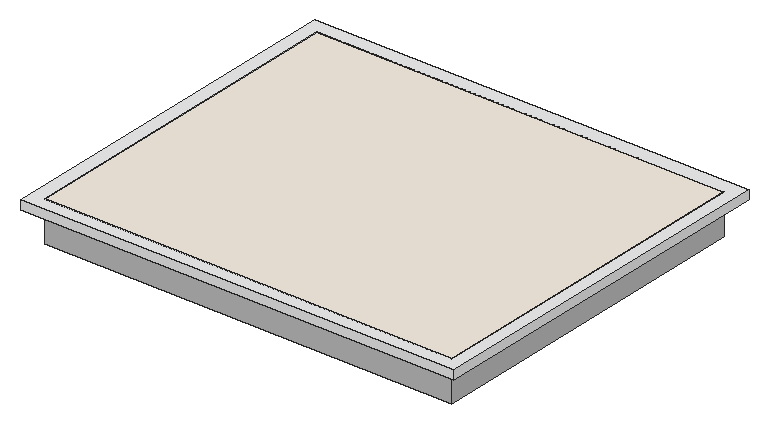
Revit family "Lighting-Industrial-GEWISS-ELIA-HL-LED_HIGHBAY", category Apparecchi per illuminazione, host Superficie, Revit 2019 (continued)
Types (12, lengths in mm): name | Weight (kg): | Weight (kg) | Voltage | Technical sheet | System power | Optic | built-in parameter 1150142 | Lumen output (lm) | Model | IDT | File diagramma fotometrico | Description
  GWF1000QL840 - ELIA HL L2 90° 4000K S.ALONE ON/OFF | "4,3" | "4,3" | "100-240 V " | "https://www.gewiss.com/ww/en/search?q=GWF1100VC871" | "200W" | "90°" | "IESNA:LM-63-1995\r\n[TEST] HB25-120-4080-90D-H00108\r\n[DATE] 27 Nov 2019\r\n[MANUFAC] GEWISS\r\n[LUMCAT] GWF1000QL840\r\n[LUMINAIRE] ELIA HL - L2 90° LED840 200W\r\n[FLASHAREA] 0.013851\r\n[LAMPCAT] LED 200W/26900lm\r\n[LAMP] LED 200W/26900lm\r\nTILT=NONE\r\n1 26900.00 1.0 181 37 1 2 -0.270 0.000 0.000\r\n1.00 1.00 200.00\r\n0.00 0.50 1.00 1.50 2.00 2.50 3.00 3.50 4.00 4.50 5.00 \r\n5.50 6.00 6.50 7.00 7.50 8.00 8.50 9.00 9.50 10.00 10.50 \r\n11.00 11.50 12.00 12.50 13.00 13.50 14.00 14.50 15.00 \r\n15.50 16.00 16.50 17.00 17.50 18.00 18.50 19.00 19.50 \r\n20.00 20.50 21.00 21.50 22.00 22.50 23.00 23.50 24.00 \r\n24.50 25.00 25.50 26.00 26.50 27.00 27.50 28.00 28.50 \r\n29.00 29.50 30.00 30.50 31.00 31.50 32.00 32.50 33.00 \r\n33.50 34.00 34.50 35.00 35.50 36.00 36.50 37.00 37.50 \r\n38.00 38.50 39.00 39.50 40.00 40.50 41.00 41.50 42.00 \r\n42.50 43.00 43.50 44.00 44.50 45.00 45.50 46.00 46.50 \r\n47.00 47.50 48.00 48.50 49.00 49.50 50.00 50.50 51.00 \r\n51.50 52.00 52.50 53.00 53.50 54.00 54.50 55.00 55.50 \r\n56.00 56.50 57.00 57.50 58.00 58.50 59.00 59.50 60.00 \r\n60.50 61.00 61.50 62.00 62.50 63.00 63.50 64.00 64.50 \r\n65.00 65.50 66.00 66.50 67.00 67.50 68.00 68.50 69.00 \r\n69.50 70.00 70.50 71.00 71.50 72.00 72.50 73.00 73.50 \r\n74.00 74.50 75.00 75.50 76.00 76.50 77.00 77.50 78.00 \r\n78.50 79.00 79.50 80.00 80.50 81.00 81.50 82.00 82.50 \r\n83.00 83.50 84.00 84.50 85.00 85.50 86.00 86.50 87.00 \r\n87.50 88.00 88.50 89.00 89.50 90.00 \r\n0.00 2.50 5.00 7.50 10.00 12.50 15.00 17.50 20.00 22.50 \r\n25.00 27.50 30.00 32.50 35.00 37.50 40.00 42.50 45.00 \r\n47.50 50.00 52.50 55.00 57.50 60.00 62.50 65.00 67.50 \r\n70.00 72.50 75.00 77.50 80.00 82.50 85.00 87.50 90.00 \r\n13471.52 13471.52 13474.21 13479.59 13482.28 13487.66 \r\n13495.73 13501.11 13509.18 13519.94 13533.39 13544.15 \r\n13557.60 13571.05 13584.50 13597.95 13611.40 13627.54 \r\n13643.68 13659.82 13675.96 13689.41 13705.55 13719.00 \r\n13735.14 13745.90 13759.35 13770.11 13780.87 13786.25 \r\n13794.32 13797.01 13797.01 13797.01 13794.32 13788.94 \r\n13778.18 13764.73 13748.59 13732.45 13710.93 13686.72 \r\n13657.13 13624.85 13587.19 13546.84 13503.80 13458.07 \r\n13406.96 13350.47 13291.29 13226.73 13156.79 13081.47 \r\n13000.77 12912.00 12815.16 12710.25 12594.58 12465.46 \r\n12330.96 12183.01 12029.68 11862.90 11693.43 11521.27 \r\n11341.04 11147.36 10934.85 10706.20 10456.03 10178.96 \r\n9891.13 9622.13 9353.13 9081.44 8812.44 8562.27 8317.48 \r\n8078.07 7838.66 7593.87 7351.77 7128.50 6915.99 6708.86 \r\n6507.11 6318.81 6133.20 5942.21 5751.22 5570.99 5396.14 \r\n5229.36 5065.27 4906.56 4753.23 4599.90 4449.26 4306.69 \r\n4169.50 4029.62 3895.12 3766.00 3642.26 3521.21 3402.85 \r\n3287.18 3168.82 3047.77 2926.72 2805.67 2688.65 2573.25 \r\n2462.16 2358.86 2259.33 2160.07 2065.92 1982.80 1906.13 \r\n1832.43 1762.76 1698.73 1636.60 1573.38 1510.17 1447.49 \r\n1385.08 1322.40 1260.26 1199.74 1141.37 1086.49 1035.11 \r\n987.50 942.04 896.31 852.46 812.92 776.87 745.13 713.93 \r\n677.34 640.49 606.33 573.51 541.23 509.49 478.28 448.42 \r\n420.72 395.16 372.56 352.39 335.17 318.23 297.25 275.99 \r\n256.41 237.15 217.46 198.25 180.55 163.61 146.87 130.68 \r\n115.19 100.42 86.51 73.49 61.60 50.60 40.32 30.93 22.37 \r\n15.16 9.93 6.46 4.74 4.78 \r\n13471.52 13471.52 13474.21 13478.24 13482.28 13487.66 \r\n13495.73 13501.11 13509.18 13519.94 13533.39 13544.15 \r\n13557.60 13571.05 13584.50 13597.95 13612.74 13628.88 \r\n13645.02 13659.82 13675.96 13690.75 13706.89 13720.34 \r\n13735.14 13747.24 13760.69 13771.45 13780.87 13788.94 \r\n13794.32 13797.01 13799.70 13798.35 13795.66 13788.94 \r\n13780.87 13768.76 13752.62 13733.79 13712.27 13688.06 \r\n13658.47 13626.19 13589.88 13549.53 13506.49 13460.76 \r\n13409.65 13354.50 13295.32 13229.42 13159.48 13084.16 \r\n13002.11 12913.34 12817.85 12711.59 12597.27 12470.84 \r\n12334.99 12189.73 12035.06 11870.97 11700.15 11527.99 \r\n11345.07 11150.05 10938.88 10708.89 10461.41 10185.68 \r\n9901.89 9631.54 9363.89 9090.85 8821.85 8566.30 8318.82 \r\n8078.07 7840.00 7595.21 7357.15 7135.22 6924.06 6716.93 \r\n6516.52 6324.19 6133.20 5942.21 5752.56 5573.68 5400.17 \r\n5230.70 5067.96 4909.25 4755.92 4601.24 4453.30 4309.38 \r\n4169.50 4030.96 3897.81 3768.69 3643.60 3523.90 3405.54 \r\n3287.18 3171.51 3050.46 2928.06 2811.05 2692.69 2578.23 \r\n2467.40 2363.70 2264.44 2165.85 2072.64 1989.52 1912.59 \r\n1838.88 1769.48 1705.06 1642.65 1579.57 1516.62 1453.81 \r\n1391.13 1328.99 1267.66 1206.73 1148.09 1093.22 1041.70 \r\n993.55 947.42 901.02 856.76 816.55 779.70 747.28 715.27 \r\n678.82 641.97 607.81 574.85 542.57 510.97 479.76 449.77 \r\n421.93 396.37 374.04 353.87 336.38 318.90 297.92 276.53 \r\n256.41 236.80 217.00 197.84 180.12 163.22 146.62 130.59 \r\n115.27 100.63 86.71 73.68 61.72 50.68 40.40 31.02 22.43 \r\n15.20 9.96 6.48 4.76 4.79 \r\n13471.52 13471.52 13474.21 13478.24 13482.28 13487.66 \r\n13494.38 13501.11 13510.52 13519.94 13533.39 13544.15 \r\n13557.60 13569.70 13583.15 13599.29 13612.74 13628.88 \r\n13645.02 13661.16 13675.96 13692.10 13706.89 13721.69 \r\n13736.48 13748.59 13762.04 13772.80 13782.21 13790.28 \r\n13795.66 13798.35 13801.04 13799.70 13797.01 13791.63 \r\n13782.21 13771.45 13755.31 13736.48 13716.31 13690.75 \r\n13661.16 13628.88 13592.57 13552.22 13509.18 13463.45 \r\n13413.68 13357.19 13296.67 13232.11 13163.51 13086.85 \r\n13006.15 12918.72 12820.54 12715.63 12601.30 12476.22 \r\n12340.37 12196.46 12041.78 11877.69 11706.88 11533.37 \r\n11350.45 11152.74 10941.57 10714.27 10469.48 10195.10 \r\n9912.65 9643.65 9377.34 9101.61 8831.27 8571.68 8320.17 \r\n8076.72 7838.66 7595.21 7358.49 7140.60 6929.44 6722.31 \r\n6521.90 6326.88 6134.55 5942.21 5753.91 5576.37 5402.86 \r\n5233.40 5067.96 4910.60 4757.26 4602.59 4453.30 4309.38 \r\n4169.50 4033.65 3900.50 3770.03 3644.95 3523.90 3406.88 \r\n3289.87 3171.51 3051.80 2932.10 2813.74 2698.07 2583.07 \r\n2472.51 2368.81 2269.55 2171.64 2079.10 1996.11 1918.91 \r\n1845.47 1776.07 1711.24 1648.57 1585.89 1523.08 1459.86 \r\n1397.05 1335.32 1274.39 1213.59 1154.68 1099.81 1047.89 \r\n999.47 952.80 905.86 860.93 820.18 782.52 749.16 716.62 \r\n680.17 643.72 609.28 576.20 543.92 512.44 480.97 450.98 \r\n423.14 397.58 375.12 355.08 337.19 319.30 298.32 276.67 \r\n256.22 236.24 216.38 197.27 179.60 162.73 146.27 130.40 \r\n115.23 100.73 86.81 73.73 61.75 50.68 40.42 31.06 22.46 \r\n15.23 9.98 6.49 4.76 4.78 \r\n13471.52 13471.52 13474.21 13478.24 13483.62 13489.00 \r\n13494.38 13502.45 13510.52 13521.28 13532.04 13544.15 \r\n13557.60 13571.05 13584.50 13599.29 13612.74 13628.88 \r\n13645.02 13661.16 13677.30 13692.10 13708.24 13721.69 \r\n13737.83 13751.28 13763.38 13774.14 13782.21 13790.28 \r\n13797.01 13799.70 13802.39 13801.04 13799.70 13794.32 \r\n13784.90 13771.45 13758.00 13740.52 13719.00 13693.44 \r\n13665.20 13632.92 13596.60 13556.25 13514.56 13467.48 \r\n13416.37 13361.23 13302.05 13236.14 13167.55 13090.88 \r\n13008.84 12921.41 12825.92 12719.66 12605.34 12481.60 \r\n12347.10 12204.53 12049.85 11887.11 11714.95 11540.10 \r\n11355.83 11158.12 10946.95 10720.99 10476.20 10204.51 \r\n9926.10 9657.10 9389.44 9112.37 8839.34 8577.06 8322.86 \r\n8078.07 7837.31 7596.56 7361.18 7143.29 6933.47 6727.69 \r\n6525.94 6328.22 6133.20 5940.86 5755.25 5579.06 5406.90 \r\n5236.09 5070.65 4911.94 4758.61 4605.28 4453.30 4310.72 \r\n4170.85 4033.65 3901.85 3772.72 3647.64 3526.59 3405.54 \r\n3288.52 3171.51 3051.80 2933.44 2815.09 2700.76 2587.51 \r\n2477.62 2374.06 2274.39 2177.15 2085.15 2002.17 1924.96 \r\n1851.66 1782.39 1717.16 1654.22 1591.54 1529.00 1465.51 \r\n1402.57 1341.37 1280.71 1220.05 1161.00 1106.13 1054.21 \r\n1005.12 957.77 910.43 864.83 823.27 784.94 750.78 717.56 \r\n681.38 645.20 610.76 577.27 544.99 513.52 482.32 452.19 \r\n424.21 398.66 376.20 356.02 337.73 319.44 298.32 276.67 \r\n255.85 235.54 215.66 196.60 178.95 162.17 145.84 130.14 \r\n115.12 100.71 86.82 73.73 61.72 50.64 40.38 31.03 22.46 \r\n15.23 9.98 6.49 4.75 4.76 \r\n13471.52 13472.86 13474.21 13478.24 13483.62 13489.00 \r\n13494.38 13502.45 13510.52 13521.28 13532.04 13544.15 \r\n13557.60 13571.05 13584.50 13599.29 13612.74 13628.88 \r\n13645.02 13661.16 13677.30 13692.10 13708.24 13724.38 \r\n13737.83 13752.62 13763.38 13774.14 13784.90 13791.63 \r\n13797.01 13802.39 13803.73 13802.39 13801.04 13795.66 \r\n13786.25 13775.49 13760.69 13743.21 13721.69 13696.13 \r\n13667.89 13634.26 13599.29 13560.29 13518.59 13471.52 \r\n13420.41 13365.26 13306.08 13241.52 13171.58 13096.26 \r\n13015.56 12926.79 12831.30 12725.04 12612.06 12488.32 \r\n12355.17 12212.60 12059.27 11895.18 11724.36 11548.17 \r\n11362.56 11164.84 10952.33 10726.37 10485.62 10216.62 \r\n9939.55 9670.55 9401.55 9124.48 8850.10 8583.79 8325.55 \r\n8078.07 7837.31 7596.56 7362.53 7145.98 6934.82 6730.38 \r\n6528.63 6328.22 6131.85 5942.21 5756.60 5581.75 5409.59 \r\n5238.77 5071.99 4913.28 4758.61 4605.28 4454.64 4309.38 \r\n4169.50 4033.65 3901.85 3774.07 3648.99 3526.59 3406.88 \r\n3289.87 3171.51 3051.80 2933.44 2817.77 2704.79 2591.68 \r\n2482.60 2378.77 2278.97 2181.99 2090.67 2007.68 1930.48 \r\n1857.18 1788.04 1722.41 1659.06 1596.51 1534.11 1470.62 \r\n1407.54 1346.34 1286.22 1225.56 1166.79 1111.78 1059.59 \r\n1010.23 962.35 914.47 868.60 826.23 786.96 751.85 718.10 \r\n682.45 646.81 611.98 578.22 545.94 514.60 483.26 453.00 \r\n425.02 399.46 377.14 356.83 338.13 319.30 298.05 276.40 \r\n255.32 234.74 214.82 195.83 178.25 161.57 145.38 129.83 \r\n114.93 100.65 86.77 73.65 61.64 50.56 40.31 30.98 22.43 \r\n15.23 9.98 6.48 4.74 4.74 \r\n13471.52 13472.86 13474.21 13478.24 13482.28 13487.66 \r\n13494.38 13502.45 13510.52 13521.28 13532.04 13544.15 \r\n13557.60 13571.05 13585.84 13599.29 13614.09 13628.88 \r\n13645.02 13661.16 13677.30 13693.44 13708.24 13724.38 \r\n13739.17 13752.62 13766.07 13776.83 13784.90 13794.32 \r\n13799.70 13803.73 13805.08 13805.08 13802.39 13797.01 \r\n13790.28 13778.18 13763.38 13745.90 13724.38 13698.82 \r\n13670.58 13639.64 13603.33 13564.32 13521.28 13475.55 \r\n13424.44 13370.64 13311.46 13246.90 13176.96 13101.64 \r\n13020.94 12932.17 12835.33 12731.77 12617.44 12495.05 \r\n12361.89 12220.67 12068.68 11905.94 11735.12 11557.58 \r\n11370.63 11172.91 10961.75 10737.13 10496.38 10228.72 \r\n9953.00 9684.00 9413.65 9136.58 8860.86 8591.86 8329.58 \r\n8079.41 7835.97 7596.56 7365.22 7147.33 6936.16 6730.38 \r\n6528.63 6326.88 6130.51 5940.86 5757.94 5583.10 5413.63 \r\n5241.46 5073.34 4914.63 4758.61 4606.63 4454.64 4309.38 \r\n4169.50 4033.65 3903.19 3775.41 3650.33 3527.93 3406.88 \r\n3288.52 3172.86 3051.80 2933.44 2819.12 2706.14 2595.45 \r\n2487.17 2382.94 2282.87 2186.30 2095.24 2012.25 1934.92 \r\n1861.75 1792.75 1726.85 1663.23 1600.55 1538.28 1474.66 \r\n1411.58 1350.65 1290.66 1230.27 1171.63 1116.62 1064.30 \r\n1014.40 966.11 917.83 871.56 828.52 788.57 752.53 718.36 \r\n682.99 647.75 612.78 578.75 546.47 515.27 483.80 453.80 \r\n425.69 400.14 377.81 357.23 338.00 318.90 297.65 275.99 \r\n254.66 233.86 213.95 195.05 177.55 160.94 144.90 129.50 \r\n114.73 100.51 86.67 73.56 61.53 50.46 40.22 30.91 22.38 \r\n15.21 9.97 6.47 4.72 4.71 \r\n13471.52 13472.86 13474.21 13478.24 13482.28 13487.66 \r\n13494.38 13502.45 13511.87 13521.28 13532.04 13545.49 \r\n13557.60 13571.05 13585.84 13599.29 13614.09 13630.23 \r\n13646.37 13661.16 13677.30 13693.44 13709.58 13725.72 \r\n13740.52 13753.97 13766.07 13776.83 13787.59 13795.66 \r\n13801.04 13805.08 13806.42 13806.42 13805.08 13799.70 \r\n13791.63 13780.87 13766.07 13748.59 13727.07 13702.86 \r\n13674.61 13642.33 13607.36 13568.36 13525.32 13479.59 \r\n13429.82 13376.02 13315.50 13252.28 13182.34 13107.02 \r\n13026.32 12937.55 12842.06 12738.49 12625.51 12501.77 \r\n12369.96 12228.74 12078.10 11918.04 11748.57 11569.69 \r\n11381.39 11183.67 10971.16 10747.89 10507.14 10243.52 \r\n9970.48 9698.79 9428.45 9150.03 8871.62 8601.27 8337.65 \r\n8082.10 7835.97 7597.90 7367.91 7150.02 6937.51 6731.72 \r\n6528.63 6326.88 6127.82 5940.86 5759.29 5585.78 5416.31 \r\n5244.15 5073.34 4914.63 4759.95 4605.28 4454.64 4308.03 \r\n4168.15 4035.00 3904.53 3776.76 3651.67 3527.93 3406.88 \r\n3288.52 3171.51 3053.15 2934.79 2820.46 2707.49 2598.41 \r\n2491.07 2386.70 2286.10 2189.66 2098.74 2015.62 1938.14 \r\n1865.38 1796.25 1730.07 1666.05 1603.37 1541.10 1477.48 \r\n1414.27 1353.61 1293.89 1233.77 1175.26 1120.25 1067.80 \r\n1017.49 968.80 920.25 873.58 829.87 789.25 752.53 717.96 \r\n682.99 648.42 613.19 578.62 546.61 515.40 484.20 454.07 \r\n426.23 400.41 377.94 357.23 337.73 318.09 296.98 275.32 \r\n253.88 232.95 213.09 194.27 176.84 160.34 144.41 129.15 \r\n114.47 100.36 86.55 73.44 61.44 50.36 40.13 30.83 22.33 \r\n15.19 9.96 6.46 4.70 4.69 \r\n13471.52 13472.86 13474.21 13478.24 13482.28 13487.66 \r\n13494.38 13502.45 13511.87 13522.63 13533.39 13544.15 \r\n13557.60 13569.70 13584.50 13599.29 13614.09 13628.88 \r\n13645.02 13661.16 13677.30 13693.44 13708.24 13724.38 \r\n13740.52 13753.97 13766.07 13776.83 13787.59 13795.66 \r\n13801.04 13805.08 13807.77 13807.77 13805.08 13801.04 \r\n13792.97 13782.21 13768.76 13751.28 13731.10 13705.55 \r\n13677.30 13646.37 13611.40 13572.39 13530.70 13483.62 \r\n13433.86 13380.06 13322.22 13257.66 13187.72 13113.75 \r\n13031.70 12944.28 12848.78 12745.22 12633.58 12511.19 \r\n12380.72 12240.84 12090.20 11930.15 11760.68 11583.14 \r\n11396.18 11197.12 10987.30 10764.03 10524.62 10259.66 \r\n9985.28 9714.93 9440.55 9162.14 8885.07 8616.07 8349.76 \r\n8092.86 7842.69 7603.28 7371.94 7151.36 6937.51 6730.38 \r\n6525.94 6324.19 6125.13 5939.52 5760.64 5587.13 5416.31 \r\n5244.15 5076.03 4915.97 4761.30 4607.97 4457.33 4312.07 \r\n4170.85 4037.69 3907.22 3779.45 3654.36 3530.63 3409.57 \r\n3291.21 3174.20 3054.49 2934.79 2821.81 2710.17 2600.56 \r\n2493.23 2388.32 2287.04 2190.33 2099.14 2015.48 1937.47 \r\n1864.44 1795.17 1728.59 1664.44 1601.76 1539.62 1476.00 \r\n1412.92 1351.99 1292.28 1232.29 1174.05 1118.91 1065.91 \r\n1015.74 967.19 918.90 872.23 828.39 787.36 750.51 715.67 \r\n681.11 646.81 611.57 576.87 544.86 514.06 483.12 453.40 \r\n425.56 399.73 377.14 356.16 336.52 316.75 295.63 274.11 \r\n252.94 232.28 212.54 193.79 176.37 159.89 144.09 128.96 \r\n114.39 100.32 86.59 73.53 61.56 50.46 40.19 30.83 22.33 \r\n15.19 9.95 6.45 4.70 4.68 \r\n13471.52 13471.52 13474.21 13478.24 13482.28 13487.66 \r\n13494.38 13502.45 13511.87 13521.28 13532.04 13544.15 \r\n13556.25 13571.05 13583.15 13597.95 13614.09 13628.88 \r\n13645.02 13659.82 13675.96 13692.10 13708.24 13724.38 \r\n13737.83 13752.62 13764.73 13775.49 13786.25 13795.66 \r\n13801.04 13805.08 13807.77 13807.77 13805.08 13801.04 \r\n13794.32 13783.56 13771.45 13753.97 13732.45 13709.58 \r\n13681.34 13649.06 13614.09 13576.43 13534.73 13489.00 \r\n13439.24 13386.78 13326.26 13263.04 13194.45 13119.13 \r\n13038.43 12951.00 12855.51 12753.29 12641.65 12520.60 \r\n12391.48 12251.60 12102.31 11943.60 11775.47 11599.28 \r\n11412.32 11214.61 11004.79 10781.52 10542.11 10277.14 \r\n10002.76 9729.73 9455.35 9176.93 8899.86 8630.86 8365.90 \r\n8104.97 7852.11 7608.66 7375.98 7152.71 6938.85 6729.03 \r\n6524.59 6320.15 6123.78 5936.83 5759.29 5585.78 5417.66 \r\n5245.50 5077.38 4915.97 4761.30 4607.97 4460.02 4314.76 \r\n4174.88 4039.03 3908.57 3782.14 3658.40 3534.66 3412.26 \r\n3292.56 3176.89 3055.84 2936.14 2823.15 2711.52 2601.90 \r\n2494.57 2389.12 2287.04 2189.93 2098.47 2014.14 1935.45 \r\n1862.15 1792.62 1726.04 1661.61 1598.94 1536.80 1473.31 \r\n1410.23 1349.17 1289.32 1229.73 1171.63 1116.08 1062.95 \r\n1012.78 964.37 916.62 870.22 825.96 784.54 747.69 712.98 \r\n678.82 644.79 609.42 574.72 543.11 512.44 481.78 452.19 \r\n424.62 398.93 375.93 354.81 334.90 315.13 294.02 272.77 \r\n251.95 231.64 212.04 193.36 175.95 159.49 143.81 128.78 \r\n114.28 100.28 86.60 73.64 61.68 50.59 40.24 30.83 22.32 \r\n15.18 9.95 6.45 4.69 4.67 \r\n13471.52 13471.52 13474.21 13478.24 13482.28 13487.66 \r\n13494.38 13502.45 13510.52 13521.28 13530.70 13544.15 \r\n13556.25 13569.70 13583.15 13596.60 13612.74 13628.88 \r\n13645.02 13659.82 13675.96 13692.10 13708.24 13723.03 \r\n13737.83 13751.28 13764.73 13775.49 13786.25 13794.32 \r\n13801.04 13805.08 13807.77 13807.77 13807.77 13803.73 \r\n13795.66 13786.25 13772.80 13755.31 13736.48 13712.27 \r\n13684.03 13653.09 13618.12 13581.81 135
